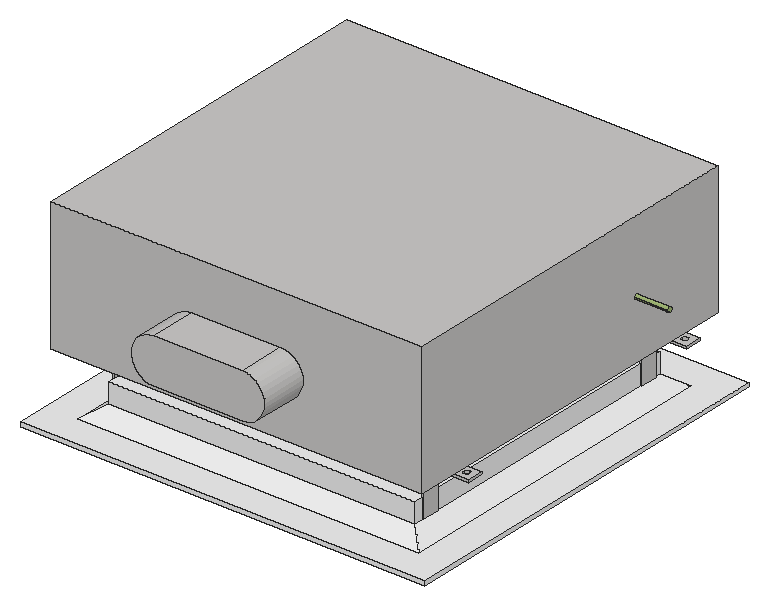
Revit family "HVAC-Inffuser-Dadanco-IDS60e", category Mechanical Equipment, Revit 2015
Parameters (values of type "2' x 2' Nominal")
  Zone Name [instance] = ""
  Zone ID [instance] = ""
  Unit Width = Nominal Unit Length - 0' 0 1/4"  # 1' - 11 3/4"
  Unit Tag [instance] = ""
  Unit Height = 0' - 11 195/256"  # constant formula
  URL = "http://www.dadanco.com/"
  Type Comments = "4 way Discharge External Entrainment Square Inffuser"
  Total Cooling Capacity = 0.0 Btu/h
  Supply Air = 0 CFM
  Revision Date = "07/19/2010"  # constant formula
  Primary Air Static Pressure [instance] = PASP  # 0.00 in-wg
  Primary Air Inlet Size = 0' - 6"
  Primary Air Flow Rate [instance] = PA  # 0 CFM
  PASP = 0.00 in-wg
  PA = 0 CFM
  Overall Unit Length = Nominal Unit Length - 0' 0 1/4"  # 1' - 11 3/4"
  Nozzle Configuration = ""
  Nominal Unit Length = 2' - 0"
  Net Unit Cooling Sensible = 0.0 Btu/h
  Model Number = ""
  Latent Cooling = 0.0 Btu/h
  Keynote = "23 37 00.A1"
  Heating Primary Air Dry Bulb = 0 °F
  Grill Material = Metal-Dadanco-Aluminum-Bone White
  Product Page URL = "http://www.dadanco.com/inffuser/dadanco_inffuser_air.asp"
  Documentation Link = "http://www.dadanco.com/inffuser/air_quality_literature.asp?productLineID=31"
  Cooling Supply Air Temperature = 0 °F
  Cooling Room Relative Humidity = 0
  Cooling Room Dry Bulb = 0 °F
  Cooling Primary Air Relative Humidity = 0
  Model = "IDS60E"  # constant formula
  Manufacturer = "Dadanco"  # constant formula
  Housing Material = Metal-Dadanco-Steel-Galvanized
  Description = "Inffuser"  # constant formula
  Architectural Design Manual = "http://www.dadanco.com/inffuser/dadanco_inffuser_air.asp"
  Air Inlet Radius = if(Primary Air Inlet Size = 0' 6", 0' 1 41/128", if(Primary Air Inlet Size = 0' 8", 0' 2 5/256", if(Primary Air Inlet Size = 0' 10", 0' 2 41/128", 0' 6")))  # 0' - 1 41/128"
  Air Inlet Length = if(Primary Air Inlet Size = 0' 6", 0' 7 215/256", if(Primary Air Inlet Size = 0' 8", 0' 10 61/256", if(Primary Air Inlet Size = 0' 10", 1' 0 215/256", 0' 1 1/2")))  # 0' - 7 215/256"
  Air Inlet Height = Air Inlet Radius * 2  # 0' - 2 41/64"
  Air Inlet Half Length = Air Inlet Length / 2  # 0' - 3.91992"
  Assembly Code = "D3040100"
Reference planes (in)
  plane 1 "Center (Front/Back)": y = -0.97873
  plane 2 "Grill Bottom": z = 0
  plane 3 "Center (Left/Right)": x = 0.55581
  plane 4 "Grill Edge Right": x = 12.43081
  plane 5 "Grill Edge Back": y = 10.89627
  plane 6 "Grill Edge Front": y = -12.85373
  plane 7 "Top Face": z = 11.76172
  plane 8 "Grill Edge Left": x = -11.31919
  plane 9 "Plenum Face Left": x = -10.31419
  plane 10 "Plenum Face Right": x = 11.42581
  plane 11 "Plenum Face Back": y = 9.89127
  plane 12 "Plenum Face Front": y = -11.84873
  plane 13 "Shroud Face Back": y = 8.02127
  plane 14 "Shroud Face Front": y = -9.97873
  plane 15 "Shroud Face Left": x = -8.44419
  plane 16 "Shroud Face Right": x = 9.55581
  plane 17 "Plenum Bottom": z = 4.01172
  plane 18 "Shroud Bottom": z = 0.95312
  plane 19 "Spigot Centerline": z = 7.51172
  plane 20 "Comiss Tube Centerline": y = 3.89127
  plane 21 "Top of Grill Assembly": z = 2.14172
Forms (in)
  Extrusion 1, solid, material "Metal-Dadanco-Steel-Galvanized" <- "Housing Material"
    sketch origin (0, 0, 11.76172) x (0, 1, 0) y (-1, 0, 0)
      loop
        line (-11.84873, 10.31419) -> (-11.84873, -11.42581) -> (9.89127, -11.42581) -> (9.89127, 10.31419) -> (-11.84873, 10.31419)
    from -7.75 to 0
  Extrusion 2, solid, material "Metal-Dadanco-Aluminum-Bone White" <- "Grill Material", detail levels medium+fine
    sketch origin (0, 0, 4.01172) x (-1, 0, 0) y (0, -1, 0)
      loop
        line (8.44419, 9.97873) -> (-9.55581, 9.97873) -> (-9.55581, -8.02127) -> (8.44419, -8.02127) -> (8.44419, 9.97873)
    from -3.05859 to -1.87
  Extrusion 3, solid, material "Metal-Dadanco-Aluminum-Bone White" <- "Grill Material", detail levels medium+fine
    sketch origin (0, 19.51442, 0) x (1, 0, 0) y (0, 1, 0)
      loop
        line (-11.31919, -32.36815) -> (12.43081, -32.36815) -> (12.43081, -8.61815) -> (-11.31919, -8.61815) -> (-11.31919, -32.36815)
    from 0 to 0.25
  Blend 4, solid, material "Metal-Dadanco-Aluminum-Bone White" <- "Grill Material", detail levels medium+fine
    base sketch origin (0, 0, 0.95312) x (-1, 0, 0) y (0, -1, 0)
      loop
        line (9.44419, 10.97873) -> (-10.55581, 10.97873) -> (-10.55581, -9.02127) -> (9.44419, -9.02127) -> (9.44419, 10.97873)
    top sketch origin (0, 0, 0.95312) x (-1, 0, 0) y (0, -1, 0)
      loop
        line (8.44419, 9.97873) -> (-9.55581, 9.97873) -> (-9.55581, -8.02127) -> (8.44419, -8.02127) -> (8.44419, 9.97873)
    from -0.70312 to 0
  Extrusion 5, solid, material "Metal-Dadanco-Steel-Galvanized" <- "Housing Material", detail levels medium+fine
    sketch origin (0, -11.84873, 0) x (-1, 0, 0) y (0, 0, 1)
      loop
        line (2.0438, 8.83203) -> (-3.15542, 8.83203)
        arc (-3.15542, 8.83203) -> (-4.47573, 7.51172) -> (-3.15542, 6.19141) r 1.32031
        line (-3.15542, 6.19141) -> (2.0438, 6.19141)
        arc (2.0438, 6.19141) -> (3.36411, 7.51172) -> (2.0438, 8.83203) r 1.32031
    from -2.8 to 0
  Extrusion 6, solid, material "Metal-Dadanco-Copper-Platina", detail levels medium+fine
    sketch origin (11.42581, -4.5755, 36) x (0, 1, 0) y (0, 0, -1)
      loop
        circle (8.46677, 28.48828) r 0.125
    from -2 to 0
Cuts and joins
  joined: Extrusion 3, Blend 4
Lines and regions (in)
  Masking region 1
    outline origin (0, 19.51442, 0) x (1, 0, 0) y (0, 1, 0)
      loop
        line (-11.31919, -32.36815) -> (12.43081, -32.36815) -> (12.43081, -8.61815) -> (-11.31919, -8.61815) -> (-11.31919, -32.36815)
  Masking region 2, detail levels medium+fine
    outline origin (0, 0, 11.76172) x (0, 1, 0) y (-1, 0, 0)
      loop
        line (-11.84873, 10.31419) -> (-11.84873, -11.42581) -> (9.89127, -11.42581) -> (9.89127, 10.31419) -> (-11.84873, 10.31419)
  Masking region 3, detail levels medium+fine
    outline origin (0, -11.84873, 0) x (-1, 0, 0) y (0, 0, 1)
      loop
        line (10.31419, 11.76172) -> (-11.42581, 11.76172) -> (-11.42581, 4.01172) -> (10.31419, 4.01172) -> (10.31419, 11.76172)
  Masking region 4, detail levels medium+fine
    outline origin (0, -9.97873, 0) x (-1, 0, 0) y (0, 0, 1)
      loop
        line (8.44419, 4.01172) -> (-9.55165, 4.01172) -> (-9.55165, 0.95312) -> (-10.55581, 0.25) -> (-12.43081, 0.25) -> (-12.43081, 0) -> (11.31919, 0) -> (11.31919, 0.25) -> (9.44419, 0.25) -> (8.44419, 0.95312) -> (8.44419, 4.01172)
  Masking region 5
    outline origin (-10.31419, -4.5755, 36) x (0, 1, 0) y (0, 0, 1)
      loop
        line (14.46677, -24.23828) -> (-7.27323, -24.23828) -> (-7.27323, -31.98828) -> (14.46677, -31.98828) -> (14.46677, -24.23828)
  Masking region 6
    outline origin (-8.44419, 0, 0) x (0, -1, 0) y (0, 0, 1)
      loop
        line (-8.02127, 4.01172) -> (-8.02127, 0.95312) -> (-9.02127, 0.25) -> (-10.89627, 0.25) -> (-10.89627, 0) -> (12.85373, 0) -> (12.85373, 0.25) -> (10.97873, 0.25) -> (9.97873, 0.95312) -> (9.97873, 4.01172) -> (-8.02127, 4.01172)
  Masking region 7, detail levels medium+fine
    outline origin (0.55581, 0, 0) x (0, 1, 0) y (0, 0, 1)
      loop
        line (-11.84873, 6.19141) -> (-11.84873, 8.83203) -> (-14.64873, 8.83203) -> (-14.64873, 6.19141) -> (-11.84873, 6.19141)
  Masking region 8, detail levels medium+fine
    outline origin (11.42581, -4.5755, 36) x (0, 1, 0) y (0, 0, 1)
      loop
        line (-7.27323, -24.23828) -> (-7.27323, -31.98828) -> (14.46677, -31.98828) -> (14.46677, -24.23828) -> (-7.27323, -24.23828)
  Masking region 9, detail levels medium+fine
    outline origin (9.55581, 0, 0) x (0, -1, 0) y (0, 0, 1)
      loop
        line (9.97873, 4.01172) -> (-8.02127, 4.01172) -> (-8.02127, 0.95312) -> (-9.02127, 0.25) -> (-10.89627, 0.25) -> (-10.89627, 0) -> (12.85373, 0) -> (12.85373, 0.25) -> (10.97873, 0.25) -> (9.97873, 0.95312) -> (9.97873, 4.01172)
  Masking region 10, detail levels medium+fine
    outline origin (0.55581, 0, 0) x (0, 1, 0) y (0, 0, 1)
      loop
        line (-14.64873, 6.19141) -> (-11.84873, 6.19141) -> (-11.84873, 8.83203) -> (-14.64873, 8.83203) -> (-14.64873, 6.19141)
  Masking region 11, detail levels medium+fine
    outline origin (0, 0, 7.51172) x (-1, 0, 0) y (0, -1, 0)
      loop
        line (-11.42581, -3.76627) -> (-13.42581, -3.76627) -> (-13.42581, -4.01627) -> (-11.42581, -4.01627) -> (-11.42581, -3.76627)
  Masking region 12, detail levels medium+fine
    outline origin (0, 0, 7.51172) x (-1, 0, 0) y (0, -1, 0)
      loop
        line (3.36411, 14.64873) -> (-4.47573, 14.64873) -> (-4.47573, 11.84873) -> (3.36411, 11.84873) -> (3.36411, 14.64873)
  Masking region 13, detail levels coarse
    outline origin (0, -0.97873, 0) x (1, 0, 0) y (0, 0, 1)
      loop
        line (-11.31919, 0) -> (12.43081, 0) -> (12.43081, 11.76172) -> (-11.31919, 11.76172) -> (-11.31919, 0)
  Masking region 14, detail levels medium+fine
    outline origin (-13.44419, 7.52127, -6.32843) x (0, 0, -1) y (1, 0, 0)
      loop
        line (-13.71515, 24.87) -> (-13.71515, 26.87) -> (-13.96515, 26.87) -> (-13.96515, 24.87) -> (-13.71515, 24.87)
  Masking region 15, detail levels coarse
    outline origin (0.55581, 0, 0) x (0, 1, 0) y (0, 0, 1)
      loop
        line (-12.85373, 0) -> (10.89627, 0) -> (10.89627, 11.76172) -> (-12.85373, 11.76172) -> (-12.85373, 0)
  Masking region 16, detail levels medium+fine
    outline origin (0, 0, 4.01172) x (-1, 0, 0) y (0, -1, 0)
      loop
        line (11.19419, -6.52127) -> (10.31419, -6.52127) -> (10.31419, -7.52127) -> (11.19419, -7.52127) -> (11.19419, -6.52127)
  Masking region 17, detail levels medium+fine
    outline origin (0, 0, 4.01172) x (-1, 0, 0) y (0, -1, 0)
      loop
        line (11.19419, 9.47873) -> (10.31419, 9.47873) -> (10.31419, 8.47873) -> (11.19419, 8.47873) -> (11.19419, 9.47873)
  Masking region 18, detail levels medium+fine
    outline origin (0, 0, 4.01172) x (-1, 0, 0) y (0, -1, 0)
      loop
        line (-11.42581, 9.47873) -> (-12.30581, 9.47873) -> (-12.30581, 8.47873) -> (-11.42581, 8.47873) -> (-11.42581, 9.47873)
  Masking region 19, detail levels medium+fine
    outline origin (0, 0, 4.01172) x (-1, 0, 0) y (0, -1, 0)
      loop
        line (-11.42581, -7.52127) -> (-11.42581, -6.52127) -> (-12.30581, -6.52127) -> (-12.30581, -7.52127) -> (-11.42581, -7.52127)
  Masking region 20, detail levels medium+fine
    outline origin (0.55581, 0, 0) x (0, 1, 0) y (0, 0, 1)
      loop
        line (-9.47873, 1.03172) -> (-8.47873, 1.03172) -> (-8.47873, 4.01172) -> (-9.47873, 4.01172) -> (-9.47873, 1.03172)
  Masking region 21, detail levels medium+fine
    outline origin (0.55581, 0, 0) x (0, 1, 0) y (0, 0, 1)
      loop
        line (6.52127, 1.03172) -> (7.52127, 1.03172) -> (7.52127, 4.01172) -> (6.52127, 4.01172) -> (6.52127, 1.03172)
  model lines, detail levels medium+fine
    curve 1: line (-9.56919, -11.10373, 0) -> (10.68081, -11.10373, 0)
    curve 2: line (-9.56919, 9.14627, 0) -> (10.68081, 9.14627, 0)
    curve 3: line (-9.56919, -11.10373, 0) -> (-9.56919, 9.14627, 0)
    curve 4: line (10.68081, -11.10373, 0) -> (10.68081, 9.14627, 0)
    curve 5: line (-7.81919, -9.35373, 0) -> (-7.81919, 7.39627, 0)
    curve 6: line (-6.06919, -7.60373, 0) -> (-6.06919, 5.64627, 0)
    curve 7: line (-4.31919, -5.85373, 0) -> (-4.31919, 3.89627, 0)
    curve 8: line (-2.56919, -4.10373, 0) -> (-2.56919, 2.14627, 0)
    curve 9: line (-0.81919, -2.35373, 0) -> (-0.81919, 0.39627, 0)
    curve 10: line (8.93081, -9.35373, 0) -> (8.93081, 7.39627, 0)
    curve 11: line (7.18081, -7.60373, 0) -> (7.18081, 5.64627, 0)
    curve 12: line (5.43081, -5.85373, 0) -> (5.43081, 3.89627, 0)
    curve 13: line (3.68081, -4.10373, 0) -> (3.68081, 2.14627, 0)
    curve 14: line (1.93081, -2.35373, 0) -> (1.93081, 0.39627, 0)
    curve 15: line (-7.81919, -9.35373, 0) -> (8.93081, -9.35373, 0)
    curve 16: line (-6.06919, -7.60373, 0) -> (7.18081, -7.60373, 0)
    curve 17: line (-4.31919, -5.85373, 0) -> (5.43081, -5.85373, 0)
    curve 18: line (-2.56919, -4.10373, 0) -> (3.68081, -4.10373, 0)
    curve 19: line (-0.81919, -2.35373, 0) -> (1.93081, -2.35373, 0)
    curve 20: line (-7.81919, 7.39627, 0) -> (8.93081, 7.39627, 0)
    curve 21: line (-6.06919, 5.64627, 0) -> (7.18081, 5.64627, 0)
    curve 22: line (-4.31919, 3.89627, 0) -> (5.43081, 3.89627, 0)
    curve 23: line (-2.56919, 2.14627, 0) -> (3.68081, 2.14627, 0)
    curve 24: line (-0.81919, 0.39627, 0) -> (1.93081, 0.39627, 0)
    curve 25: line (-9.56919, 9.14627, 0) -> (-0.81919, 0.39627, 0)
    curve 26: line (1.93081, 0.39627, 0) -> (10.68081, 9.14627, 0)
    curve 27: line (1.93081, -2.35373, 0) -> (10.68081, -11.10373, 0)
    curve 28: line (-0.81919, -2.35373, 0) -> (-9.56919, -11.10373, 0)
  reference lines
    curve 29: line (-18.37407, 7.02127, 0) -> (21.62593, 7.02127, 0)
    curve 30: line (-18.37407, -8.97873, 0) -> (21.62593, -8.97873, 0)
    curve 31: line (-6.08086, 7.52127, 8.83203) -> (5.58907, 7.52127, 8.83203)
    curve 32: line (-5.4475, 7.52127, 6.19141) -> (5.58907, 7.52127, 6.19141)
    curve 33: line (-3.36411, 7.52127, 4.65838) -> (-3.36411, 7.52127, 10.90838)
    curve 34: line (4.47573, 7.52127, 4.65838) -> (4.47573, 7.52127, 10.90838)
    curve 35: line (0.55581, -14.64873, 4.01172) -> (0.55581, -14.64873, 11.76172)
    curve 36: line (-2.0438, 7.52127, 4.65838) -> (-2.0438, 7.52127, 10.90838)
    curve 37: line (3.15542, 7.52127, 4.65838) -> (3.15542, 7.52127, 10.90838)
  symbolic lines, detail levels fine
    curve 38: circle (11.80581, -8.97873, 4.01172) r 0.18 normal (0, 0, 1)
    curve 39: circle (11.80581, 7.02127, 4.01172) r 0.18 normal (0, 0, 1)
    curve 40: circle (-10.69419, 7.02127, 4.01172) r 0.18 normal (0, 0, 1)
    curve 41: circle (-10.69419, -8.97873, 4.01172) r 0.18 normal (0, 0, 1)
    curve 45: line (9.55581, -9.97873, 1.03172) -> (9.68081, -9.97873, 1.03172)
    curve 46: line (9.68081, -9.97873, 1.03172) -> (9.68081, -9.97873, 3.88672)
    curve 47: line (12.30581, -9.97873, 4.01172) -> (12.30581, -9.97873, 3.88672)
    curve 48: line (12.30581, -9.97873, 3.88672) -> (9.68081, -9.97873, 3.88672)
    curve 49: line (-11.19419, -9.97873, 4.01172) -> (-11.19419, -9.97873, 3.88672)
    curve 50: line (-11.19419, -9.97873, 3.88672) -> (-8.56919, -9.97873, 3.88672)
    curve 51: line (-8.56919, -9.97873, 3.88672) -> (-8.56919, -9.97873, 1.03172)
    curve 52: line (-8.56919, -9.97873, 1.03172) -> (-8.44419, -9.97873, 1.03172)
    curve 60: line (12.30581, 9.89127, 4.01172) -> (12.30581, 9.89127, 3.88672)
    curve 61: line (12.30581, 9.89127, 3.88672) -> (9.68081, 9.89127, 3.88672)
    curve 62: line (9.68081, 9.89127, 3.88672) -> (9.68081, 9.89127, 1.03172)
    curve 63: line (9.68081, 9.89127, 1.03172) -> (9.55581, 9.89127, 1.03172)
    curve 65: line (-8.44419, 9.89127, 1.03172) -> (-8.56919, 9.89127, 1.03172)
    curve 66: line (-8.56919, 9.89127, 1.03172) -> (-8.56919, 9.89127, 3.88672)
    curve 67: line (-8.56919, 9.89127, 3.88672) -> (-11.19419, 9.89127, 3.88672)
    curve 68: line (-11.19419, 9.89127, 3.88672) -> (-11.19419, 9.89127, 4.01172)
    curve 74: line (9.55581, -8.47873, 3.88672) -> (9.55581, -9.47873, 3.88672)
    curve 78: line (9.55581, 6.52127, 3.88672) -> (9.55581, 7.52127, 3.88672)
  symbolic lines, detail levels medium+fine
    curve 42: line (-8.44419, -11.84873, 0.95312) -> (9.55581, -11.84873, 0.95312)
    curve 43: line (-9.31419, -9.97873, 0.25) -> (10.68581, -9.97873, 0.25)
    curve 44: line (11.42581, -9.97873, 4.01172) -> (12.30581, -9.97873, 4.01172)
    curve 53: line (-11.19419, -9.97873, 4.01172) -> (-10.31419, -9.97873, 4.01172)
    curve 54: arc (-2.0438, -11.84873, 8.83203) -> (-3.36411, -11.84873, 7.51172) -> (-2.0438, -11.84873, 6.19141) r 1.32031
    curve 55: line (-2.0438, -11.84873, 6.19141) -> (3.15542, -11.84873, 6.19141)
    curve 56: arc (3.15542, -11.84873, 6.19141) -> (4.47573, -11.84873, 7.51172) -> (3.15542, -11.84873, 8.83203) r 1.32031
    curve 57: line (3.15542, -11.84873, 8.83203) -> (-2.0438, -11.84873, 8.83203)
    curve 58: line (9.55165, 8.02127, 0.95312) -> (-8.44419, 8.02127, 0.95312)
    curve 59: line (10.55581, 8.02127, 0.25) -> (-9.44419, 8.02127, 0.25)
    curve 64: line (12.30581, 9.89127, 4.01172) -> (11.42581, 9.89127, 4.01172)
    curve 69: line (-10.31419, 9.89127, 4.01172) -> (-11.19419, 9.89127, 4.01172)
    curve 70: line (-8.44419, 8.02127, 0.95312) -> (-8.44419, -9.97873, 0.95312)
    curve 71: line (-8.44419, -10.97873, 0.25) -> (-8.44419, 9.02127, 0.25)
    curve 72: line (9.55581, -9.97873, 0.95312) -> (9.55581, 8.02127, 0.95312)
    curve 73: line (9.55581, -10.97873, 0.25) -> (9.55581, 9.02127, 0.25)
    curve 75: line (9.55581, 6.52127, 4.01172) -> (9.55581, 6.52127, 1.03172)
    curve 76: line (9.55581, 6.52127, 1.03172) -> (9.55581, 7.52127, 1.03172)
    curve 77: line (9.55581, 7.52127, 1.03172) -> (9.55581, 7.52127, 4.01172)
    curve 79: arc (0.55581, 3.76627, 7.51172) -> (0.55581, 3.89127, 7.63672) -> (0.55581, 4.01627, 7.51172) r 0.125
    curve 80: arc (0.55581, 4.01627, 7.51172) -> (0.55581, 3.89127, 7.38672) -> (0.55581, 3.76627, 7.51172) r 0.125
Dimensions and locks (in)
  equal spacing: plane 8 "Grill Edge Left", plane 3 "Center (Left/Right)", plane 4 "Grill Edge Right"
  "Overall Unit Length": plane 8 "Grill Edge Left" to plane 4 "Grill Edge Right"
  equal spacing: plane 6 "Grill Edge Front", plane 1 "Center (Front/Back)", plane 5 "Grill Edge Back"
  "Unit Width": plane 6 "Grill Edge Front" to plane 5 "Grill Edge Back"
  plane 15 "Shroud Face Left" to plane 3 "Center (Left/Right)" to plane 16 "Shroud Face Right" = 0' - 9" locked, 0' - 9" locked
  plane 13 "Shroud Face Back" to plane 1 "Center (Front/Back)" to plane 14 "Shroud Face Front" = 0' - 9" locked, 0' - 9" locked
  plane 11 "Plenum Face Back" to plane 1 "Center (Front/Back)" to plane 12 "Plenum Face Front" = 0' - 10.87" locked, 0' - 10.87" locked
  plane 9 "Plenum Face Left" to plane 3 "Center (Left/Right)" to plane 10 "Plenum Face Right" = 0' - 10.87" locked, 0' - 10.87" locked
  plane 10 "Plenum Face Right" to plane 16 "Shroud Face Right" to plane 3 "Center (Left/Right)" = 0' - 1.87", 0' - 9"
  "Unit Height": plane 7 "Top Face" to plane 2 "Grill Bottom"
  locked: plane 7 "Top Face" to plane 17 "Plenum Bottom" at 7.75
  locked: Extrusion 3 to plane 2 "Grill Bottom" at 0.25
  locked: Blend 4 sketch curve to plane 14 "Shroud Face Front" at 1
  locked: Blend 4 sketch curve to plane 15 "Shroud Face Left" at 1
  locked: plane 16 "Shroud Face Right" to Blend 4 sketch curve at 1
  locked: Blend 4 sketch curve to plane 13 "Shroud Face Back" at 1
  locked: curve 30 to plane 1 "Center (Front/Back)" at 8
  locked: plane 1 "Center (Front/Back)" to curve 29 at 8
  locked: plane 18 "Shroud Bottom" to plane 2 "Grill Bottom" at 0.95312
  locked: plane 19 "Spigot Centerline" to plane 17 "Plenum Bottom" at 3.5
  "Air Inlet Half Length": plane 3 "Center (Left/Right)" to curve 33
  "Air Inlet Half Length": curve 34 to plane 3 "Center (Left/Right)"
  "Air Inlet Radius": curve 31 to plane 19 "Spigot Centerline"
  "Air Inlet Radius": plane 19 "Spigot Centerline" to curve 32
  locked: curve 35 to plane 12 "Plenum Face Front" at 2.8
  "Air Inlet Radius": curve 36 to curve 33
  "Air Inlet Radius": curve 34 to curve 37
  locked: plane 20 "Comiss Tube Centerline" to plane 11 "Plenum Face Back" at 6
  locked: Extrusion 6 to Extrusion 6 at 2
  "Air Inlet Half Length": Masking region 12 sketch curve to plane 3 "Center (Left/Right)"
  "Air Inlet Half Length": plane 3 "Center (Left/Right)" to Masking region 12 sketch curve
  plane 8 "Grill Edge Left" to curve 3 to curve 5 to curve 6 to curve 7 to curve 8 to curve 9 = 0' - 1 3/4" locked, 0' - 1 3/4" locked, 0' - 1 3/4" locked, 0' - 1 3/4" locked, 0' - 1 3/4" locked, 0' - 1 3/4" locked
  curve 14 to curve 13 to curve 12 to curve 11 to curve 10 to curve 4 to plane 4 "Grill Edge Right" = 0' - 1 3/4" locked, 0' - 1 3/4" locked, 0' - 1 3/4" locked, 0' - 1 3/4" locked, 0' - 1 3/4" locked, 0' - 1 3/4" locked
  plane 6 "Grill Edge Front" to curve 1 to curve 15 to curve 16 to curve 17 to curve 18 to curve 19 = 0' - 1 3/4" locked, 0' - 1 3/4" locked, 0' - 1 3/4" locked, 0' - 1 3/4" locked, 0' - 1 3/4" locked, 0' - 1 3/4" locked
  curve 24 to curve 23 to curve 22 to curve 21 to curve 20 to curve 2 to plane 5 "Grill Edge Back" = 0' - 1 3/4" locked, 0' - 1 3/4" locked, 0' - 1 3/4" locked, 0' - 1 3/4" locked, 0' - 1 3/4" locked, 0' - 1 3/4" locked
  Masking region 11 sketch curve to plane 20 "Comiss Tube Centerline" to Masking region 11 sketch curve = 0' - 0 1/8" locked, 0' - 0 1/8" locked
  Masking region 14 sketch curve to plane 19 "Spigot Centerline" to Masking region 14 sketch curve = 0' - 0 1/8" locked, 0' - 0 1/8" locked
  locked: plane 17 "Plenum Bottom" to plane 21 "Top of Grill Assembly" at 1.87
  radius of Extrusion 6 sketch curve = 0' - 0 1/8"
  aligned and locked: plane 2 "Grill Bottom" to level
  aligned and locked: plane 9 "Plenum Face Left" to Extrusion 1 sketch curve
  aligned and locked: plane 12 "Plenum Face Front" to Extrusion 1 sketch curve
  aligned and locked: plane 11 "Plenum Face Back" to Extrusion 1 sketch curve
  aligned and locked: plane 10 "Plenum Face Right" to Extrusion 1 sketch curve
  aligned and locked: plane 7 "Top Face" to Extrusion 1
  aligned and locked: Extrusion 1 to plane 17 "Plenum Bottom"
  aligned and locked: plane 15 "Shroud Face Left" to Extrusion 2 sketch curve
  aligned and locked: plane 14 "Shroud Face Front" to Extrusion 2 sketch curve
  aligned and locked: plane 13 "Shroud Face Back" to Extrusion 2 sketch curve
  aligned and locked: plane 16 "Shroud Face Right" to Extrusion 2 sketch curve
  aligned: plane 17 "Plenum Bottom" to Extrusion 2
  aligned and locked: Extrusion 2 to plane 18 "Shroud Bottom"
  aligned and locked: plane 8 "Grill Edge Left" to Extrusion 3 sketch curve
  aligned and locked: Extrusion 3 sketch curve to plane 6 "Grill Edge Front"
  aligned and locked: plane 5 "Grill Edge Back" to Extrusion 3 sketch curve
  aligned and locked: plane 4 "Grill Edge Right" to Extrusion 3 sketch curve
  aligned and locked: Extrusion 3 to plane 2 "Grill Bottom"
  aligned and locked: Extrusion 2 to Blend 4 sketch curve
  aligned and locked: Blend 4 sketch curve to Extrusion 2  (x3)
  aligned and locked: Blend 4 to Extrusion 3
  aligned and locked: plane 18 "Shroud Bottom" to Blend 4
  aligned and locked: nested 1 to plane 16 "Shroud Face Right"
  aligned and locked: plane 15 "Shroud Face Left" to nested 4
  aligned and locked: nested 2 to plane 16 "Shroud Face Right"
  aligned and locked: plane 15 "Shroud Face Left" to nested 3
  aligned and locked: curve 29 to nested 2
  aligned and locked: nested 3 to curve 29
  aligned and locked: nested 4 to curve 30
  aligned and locked: curve 30 to nested 1
  aligned and locked: plane 17 "Plenum Bottom" to nested 4
  aligned and locked: plane 17 "Plenum Bottom" to nested 3
  aligned and locked: plane 17 "Plenum Bottom" to nested 1
  aligned and locked: plane 17 "Plenum Bottom" to nested 2
  aligned and locked: curve 31 to Extrusion 5 sketch curve
  aligned and locked: curve 32 to Extrusion 5 sketch curve
  aligned and locked: plane 12 "Plenum Face Front" to Extrusion 5
  aligned and locked: Extrusion 5 to curve 35
  aligned and locked: curve 37 to Extrusion 5 sketch curve  (x2)
  aligned and locked: curve 36 to Extrusion 5 sketch curve  (x2)
  aligned and locked: plane 20 "Comiss Tube Centerline" to Extrusion 6 sketch curve
  aligned and locked: plane 19 "Spigot Centerline" to Extrusion 6 sketch curve
  aligned and locked: plane 10 "Plenum Face Right" to Extrusion 6
  aligned and locked: cut or joined group of Extrusion 3, Blend 4 to Masking region 1 sketch curve
  aligned and locked: Masking region 1 sketch curve to cut or joined group of Extrusion 3, Blend 4  (x3)
  aligned and locked: Extrusion 1 to Masking region 2 sketch curve
  aligned and locked: Masking region 2 sketch curve to Extrusion 1  (x3)
  aligned and locked: curve 38 to nested 1
  aligned and locked: curve 39 to nested 2
  aligned and locked: curve 40 to nested 3
  aligned and locked: curve 41 to nested 4
  aligned and locked: Extrusion 1 to Masking region 3 sketch curve
  aligned and locked: Masking region 3 sketch curve to Extrusion 1  (x3)
  aligned and locked: curve 54 to Extrusion 5
  aligned and locked: Extrusion 1 to Masking region 5 sketch curve
  aligned and locked: Masking region 5 sketch curve to Extrusion 1  (x3)
  aligned and locked: Masking region 7 sketch curve to Extrusion 5  (x3)
  aligned and locked: Extrusion 5 to Masking region 7 sketch curve
  aligned and locked: Masking region 8 sketch curve to Extrusion 1  (x4)
  aligned and locked: Masking region 10 sketch curve to Extrusion 5  (x4)
  aligned and locked: Masking region 11 sketch curve to Extrusion 6
  aligned and locked: Masking region 12 sketch curve to Extrusion 5  (x2)
  aligned and locked: plane 8 "Grill Edge Left" to Masking region 13 sketch curve
  aligned and locked: plane 7 "Top Face" to Masking region 13 sketch curve
  aligned and locked: Masking region 13 sketch curve to plane 4 "Grill Edge Right"
  aligned and locked: Masking region 13 sketch curve to plane 2 "Grill Bottom"
  aligned and locked: Extrusion 6 to Masking region 14 sketch curve
  aligned and locked: Masking region 14 sketch curve to Extrusion 6
  aligned and locked: curve 43 to cut or joined group of Extrusion 3, Blend 4
  aligned and locked: plane 18 "Shroud Bottom" to cut or joined group of Extrusion 3, Blend 4
  aligned and locked: curve 46 to nested 1
  aligned and locked: curve 45 to nested 1
  aligned and locked: curve 48 to nested 2
  aligned and locked: curve 47 to nested 1
  aligned and locked: curve 50 to nested 4
  aligned and locked: curve 49 to nested 4
  aligned and locked: curve 51 to nested 4
  aligned and locked: curve 52 to nested 4
  aligned and locked: plane 6 "Grill Edge Front" to Masking region 15 sketch curve
  aligned and locked: plane 7 "Top Face" to Masking region 15 sketch curve
  aligned and locked: plane 5 "Grill Edge Back" to Masking region 15 sketch curve
  aligned and locked: Masking region 15 sketch curve to plane 2 "Grill Bottom"
  aligned and locked: curve 78 to nested 2
  aligned and locked: curve 75 to nested 2
  aligned and locked: curve 76 to nested 2
  aligned and locked: curve 77 to nested 2
  aligned and locked: curve 74 to nested 1
  aligned and locked: curve 79 to Extrusion 6
  aligned and locked: curve 80 to Extrusion 6
  aligned and locked: nested 3 to Masking region 16 sketch curve  (x2)
  aligned and locked: Masking region 16 sketch curve to nested 3
  aligned and locked: plane 9 "Plenum Face Left" to Masking region 16 sketch curve
  aligned and locked: nested 4 to Masking region 17 sketch curve  (x2)
  aligned and locked: Masking region 17 sketch curve to nested 4
  aligned and locked: plane 9 "Plenum Face Left" to Masking region 17 sketch curve
  aligned and locked: plane 10 "Plenum Face Right" to Masking region 18 sketch curve
  aligned and locked: nested 1 to Masking region 18 sketch curve  (x2)
  aligned and locked: Masking region 18 sketch curve to nested 1
  aligned and locked: plane 10 "Plenum Face Right" to Masking region 19 sketch curve
  aligned and locked: nested 2 to Masking region 19 sketch curve
  aligned and locked: Masking region 19 sketch curve to nested 2  (x2)
  aligned and locked: plane 17 "Plenum Bottom" to Masking region 4 sketch curve
  aligned and locked: plane 21 "Top of Grill Assembly" to Extrusion 2
  aligned and locked: curve 65 to nested 4
  aligned and locked: curve 66 to nested 4
  aligned and locked: curve 67 to nested 4
  aligned and locked: curve 68 to nested 4
  aligned and locked: curve 62 to nested 1
  aligned and locked: curve 63 to nested 1
  aligned and locked: curve 60 to nested 1
  aligned and locked: nested 1 to Masking region 20 sketch curve  (x2)
  aligned and locked: Masking region 20 sketch curve to nested 1  (x2)
  aligned and locked: nested 2 to Masking region 21 sketch curve
  aligned and locked: Masking region 21 sketch curve to nested 2
  aligned and locked: plane 17 "Plenum Bottom" to Masking region 21 sketch curve
  aligned and locked: Masking region 21 sketch curve to curve 33
Automatic sketch dimensions
  curve 30 to plane 8 "Grill Edge Left" = 0' - 7.05489"
  curve 29 to plane 8 "Grill Edge Left" = 0' - 7.05489"
  curve 30 to plane 4 "Grill Edge Right" = 0' - 9.19511"
  curve 29 to plane 4 "Grill Edge Right" = 0' - 9.19511"
  curve 35 to plane 7 "Top Face" = 0' - 0"
  curve 35 to plane 17 "Plenum Bottom" = 0' - 0"
  curve 37 to plane 7 "Top Face" = 0' - 0.85334"
  curve 34 to plane 7 "Top Face" = 0' - 0.85334"
  curve 36 to plane 7 "Top Face" = 0' - 0.85334"
  curve 33 to plane 7 "Top Face" = 0' - 0.85334"
  plane 17 "Plenum Bottom" to curve 36 = 0' - 0.64666"
  plane 17 "Plenum Bottom" to curve 37 = 0' - 0.64666"
  plane 17 "Plenum Bottom" to curve 34 = 0' - 0.64666"
  plane 17 "Plenum Bottom" to curve 33 = 0' - 0.64666"
  curve 32 to curve 33 = 0' - 2.08339"
  curve 31 to plane 15 "Shroud Face Left" = 0' - 2.36333"
  curve 34 to curve 31 = 0' - 1.11333"
  curve 34 to curve 32 = 0' - 1.11333"
  plane 16 "Shroud Face Right" to curve 42 = 0' - 0"
  plane 15 "Shroud Face Left" to curve 42 = 0' - 0"
  curve 42 to plane 18 "Shroud Bottom" = 0' - 0"
  plane 3 "Center (Left/Right)" to curve 56 = 0' - 2.59961"
  curve 58 to plane 18 "Shroud Bottom" = 0' - 0"
  plane 15 "Shroud Face Left" to curve 58 = 0' - 0"
  plane 16 "Shroud Face Right" to curve 58 = 0' - 0.00417"
  level to curve 59 = 0' - 0 1/4"
  plane 10 "Plenum Face Right" to curve 59 = 0' - 0.87"
  plane 9 "Plenum Face Left" to curve 59 = 0' - 0.87"
  Masking region 6 sketch curve to level = 0' - 0"
  Masking region 6 sketch curve to plane 5 "Grill Edge Back" = 0' - 0"
  Masking region 6 sketch curve to plane 13 "Shroud Face Back" = 0' - 0"
  Masking region 6 sketch curve to plane 14 "Shroud Face Front" = 0' - 0"
  Masking region 6 sketch curve to plane 6 "Grill Edge Front" = 0' - 0"
  Masking region 6 sketch curve to plane 18 "Shroud Bottom" = 0' - 0"  (x2)
  Masking region 6 sketch curve to plane 17 "Plenum Bottom" = 0' - 0"
  level to Masking region 6 sketch curve = 0' - 0 1/4"  (x2)
  Masking region 6 sketch curve to plane 11 "Plenum Face Back" = 0' - 0.87"
  plane 12 "Plenum Face Front" to Masking region 6 sketch curve = 0' - 0.87"
  curve 70 to plane 13 "Shroud Face Back" = 0' - 0"
  curve 70 to plane 14 "Shroud Face Front" = 0' - 0"
  curve 70 to plane 18 "Shroud Bottom" = 0' - 0"
  level to curve 71 = 0' - 0 1/4"
  curve 71 to plane 11 "Plenum Face Back" = 0' - 0.87"
  plane 12 "Plenum Face Front" to curve 71 = 0' - 0.87"
  Masking region 9 sketch curve to level = 0' - 0"
  Masking region 9 sketch curve to plane 5 "Grill Edge Back" = 0' - 0"
  Masking region 9 sketch curve to plane 13 "Shroud Face Back" = 0' - 0"
  Masking region 9 sketch curve to plane 14 "Shroud Face Front" = 0' - 0"
  Masking region 9 sketch curve to plane 6 "Grill Edge Front" = 0' - 0"
  Masking region 9 sketch curve to plane 18 "Shroud Bottom" = 0' - 0"  (x2)
  Masking region 9 sketch curve to plane 17 "Plenum Bottom" = 0' - 0"
  level to Masking region 9 sketch curve = 0' - 0 1/4"  (x2)
  Masking region 9 sketch curve to plane 11 "Plenum Face Back" = 0' - 0.87"
  plane 12 "Plenum Face Front" to Masking region 9 sketch curve = 0' - 0.87"
  curve 72 to plane 13 "Shroud Face Back" = 0' - 0"
  curve 72 to plane 14 "Shroud Face Front" = 0' - 0"
  curve 72 to plane 18 "Shroud Bottom" = 0' - 0"
  level to curve 73 = 0' - 0 1/4"
  curve 73 to plane 11 "Plenum Face Back" = 0' - 0.87"
  plane 12 "Plenum Face Front" to curve 73 = 0' - 0.87"
  curve 77 to plane 17 "Plenum Bottom" = 0' - 0"
  curve 75 to plane 17 "Plenum Bottom" = 0' - 0"
  curve 47 to plane 17 "Plenum Bottom" = 0' - 0"
  plane 10 "Plenum Face Right" to curve 44 = 0' - 0"
  plane 16 "Shroud Face Right" to curve 45 = 0' - 0"
  plane 15 "Shroud Face Left" to curve 52 = 0' - 0"
  curve 53 to plane 9 "Plenum Face Left" = 0' - 0"
  curve 49 to plane 17 "Plenum Bottom" = 0' - 0"
  plane 10 "Plenum Face Right" to curve 43 = 0' - 0.74"
  plane 15 "Shroud Face Left" to curve 43 = 0' - 0.87"
  Masking region 11 sketch curve to plane 4 "Grill Edge Right" = 0' - 0.995"
  Masking region 4 sketch curve to level = 0' - 0"
  plane 4 "Grill Edge Right" to Masking region 4 sketch curve = 0' - 0"
  Masking region 4 sketch curve to plane 18 "Shroud Bottom" = 0' - 0"  (x2)
  plane 15 "Shroud Face Left" to Masking region 4 sketch curve = 0' - 0"
  Masking region 4 sketch curve to plane 8 "Grill Edge Left" = 0' - 0"
  level to Masking region 4 sketch curve = 0' - 0 1/4"  (x2)
  plane 10 "Plenum Face Right" to Masking region 4 sketch curve = 0' - 0.87"
  plane 16 "Shroud Face Right" to Masking region 4 sketch curve = 0' - 0.00417"
  plane 9 "Plenum Face Left" to Masking region 4 sketch curve = 0' - 0.87"
  curve 64 to plane 17 "Plenum Bottom" = 0' - 0"
  plane 10 "Plenum Face Right" to curve 64 = 0' - 0"
  plane 16 "Shroud Face Right" to curve 63 = 0' - 0"
  plane 15 "Shroud Face Left" to curve 65 = 0' - 0"
  curve 69 to plane 9 "Plenum Face Left" = 0' - 0"
  curve 68 to plane 17 "Plenum Bottom" = 0' - 0"
  curve 61 to curve 60 = 0' - 0 1/8"
  plane 14 "Shroud Face Front" to curve 74 = 0' - 1 1/2"
  plane 14 "Shroud Face Front" to curve 74 = 0' - 0 1/2"
Nested families (in)
  nested 1: "HVAC-Inffuser-Dadanco-IDSE_Bracket" at (9.55581, -8.97873, 4.01172), type "L Bracket", detail levels medium+fine
  nested 2: "HVAC-Inffuser-Dadanco-IDSE_Bracket" at (9.55581, 7.02127, 4.01172), type "L Bracket", detail levels medium+fine
  nested 3: "HVAC-Inffuser-Dadanco-IDSE_Bracket" at (-8.44419, 7.02127, 4.01172) x (-1, 0, 0) z (0, 0, 1), type "L Bracket", detail levels medium+fine
  nested 4: "HVAC-Inffuser-Dadanco-IDSE_Bracket" at (-8.44419, -8.97873, 4.01172) x (-1, 0, 0) z (0, 0, 1), type "L Bracket", detail levels medium+fine
Connectors (in)
  hvac at (0.55581, -14.64873, 7.51172), driven by "Air Inlet Height", driven by "Air Inlet Length", driven by "Primary Air Flow Rate", driven by "Primary Air Static Pressure"
    settings: on Extrusion 5, index 1, duct flow 0 CFM, flow factor 0, pres drop 0.00 in-wg, loss coef 0, conn angle 0.00°, conn width 7 215/256", conn height 2 41/64", conn diameter 24", duct sys type 1, conn prof type 1, flow config 1, flow direction 1, loss method 4, conn ref index -1, conn util no, is conn primary yes, conn desc "Primary Air Inlet Front"
Definition of nested family "HVAC-Inffuser-Dadanco-IDSE_Bracket"
  Parameters
    Assembly Code = ""
  Reference planes (in)
    plane 1 "Center (Front/Back)": y = 0
    plane 2: z = 0
    plane 3 "Center (Left/Right)": x = 0
  Forms (in)
    Extrusion 1, solid
      sketch origin (0, 0, 0) x (1, 0, 0) y (0, 0, 1)
        loop
          line (0, 0) -> (0, -2.98) -> (0.125, -2.98) -> (0.125, -0.125) -> (2.75, -0.125) -> (2.75, 0) -> (0, 0)
      from -0.5 to 0.5
    Extrusion 2, void
      sketch origin (0, 0, 0) x (1, 0, 0) y (0, 1, 0)
        loop
          circle (2.25, 0) r 0.18
      from -0.125 to 12
  Cuts and joins
    Extrusion 2 cuts Extrusion 1
  Lines and regions (in)
    reference lines
      curve 1: line (-1.32876, 0.5, 0) -> (4.17124, 0.5, 0)
      curve 2: line (-1.09309, -0.5, 0) -> (4.17124, -0.5, 0)
    model lines
      curve 3: circle (2.25, 0, 0) r 0.18 normal (0, 0, 1)
  Dimensions and locks (in)
    locked: level to Extrusion 1 sketch curve at 2.98
    locked: Extrusion 1 sketch curve to plane 3 "Center (Left/Right)" at 2.75
    locked: level to Extrusion 1 sketch curve at 0.125
    locked: Extrusion 1 sketch curve to plane 3 "Center (Left/Right)" at 0.125
    curve 2 to plane 1 "Center (Front/Back)" to curve 1 = 0' - 0 1/2" locked, 0' - 0 1/2" locked
    aligned and locked: curve 2 to Extrusion 1
    aligned and locked: Extrusion 1 to curve 1
    aligned and locked: cut or joined group of Extrusion 1, Extrusion 2 to Extrusion 2
